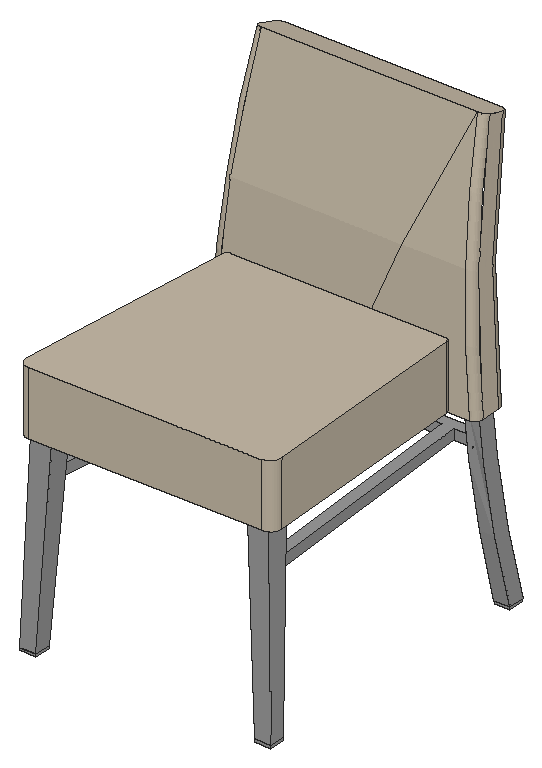
Revit family "FU_Chair_Sandler_Woodlook 1-9", category Furniture, Revit 2020
Family settings
  OmniClass Number = 23.40.20.00
  OmniClass Title = General Furniture and Specialties
  Work Plane-Based = No
  Always vertical = Yes
  Cut with Voids When Loaded = No
  Shared = No
  Room Calculation Point = No
Parameters (values of type "Woodlook 1.9")
  Woodlook = Woodlook - 24A Walnut
  Width = 510 mm
  Upholstery = Fabric - Mainline Flax - Upminster MLF20
  URL = "https://www.sandlerseating.com/product/woodlook-1-9/"
  Stretchers = yes
  Model = "Woodlook 1.9"
  Manufacturer = "Sandler"
  Height = 833 mm
  Grab Handle = no
  Description = "Woodlook side chair with frame manufactured entirely from aluminum but with realistic appearance of wood. With stretchers. Highly durable and scratch resistant. Stacks 5"
  Depth = 585 mm
  Default Elevation = 0 mm
Types (5, lengths in mm): name | Woodlook | Upholstery | URL | Stretchers | Model | Grab Handle | Description
  (no name) | Woodlook - 24A Walnut | Fabric - Mainline Flax - Upminster MLF20 | "https://www.sandlerseating.com/product/woodlook-1-9/" | yes | "Woodlook 1.9" | no | "Woodlook side chair with frame manufactured entirely from aluminum but with realistic appearance of wood. With stretchers. Highly durable and scratch resistant. Stacks 5"
  Woodlook 1.9 | Woodlook - 24A Walnut | Fabric - Mainline Flax - Upminster MLF20 | "https://www.sandlerseating.com/product/woodlook-1-9/" | yes | "Woodlook 1.9" | no | "Woodlook side chair with frame manufactured entirely from aluminum but with realistic appearance of wood. With stretchers. Highly durable and scratch resistant. Stacks 5"
  Woodlook 1.9GH | Woodlook - 21A Teak | Fabric - Gravity - Frozen CPC27 | "https://www.sandlerseating.com/product/w1-9gh/" | yes | "Woodlook 1.9GH" | yes | "Woodlook side chair with frame manufactured entirely from aluminum but with realistic appearance of wood. With stretchers and back grip handle. Highly durable and scratch resistant. Stacks 5."
  Woodlook 1.9GHWOS | Woodlook - 20A Natural Beech | Fabric - Gravity - Frost CPC32 | "https://www.sandlerseating.com/product/w1-9ghwos/" | no | "WOODLOOK 1.9GHWOS" | yes | "Woodlook side chair with grip handle on back. Frame manufactured entirely from aluminum but with realistic appearance of wood. Highly durable and scratch resistant. Stacks 5. Without stretchers."
  Woodlook 1.9WOS | Woodlook - 23 Light Walnut | Fabric - X2 - Percentage AK016 | "https://www.sandlerseating.com/product/woodlook-1-9wos/" | no | "Woodlook 1.9WOS" | no | "Woodlook side chair with frame manufactured entirely from aluminum but with realistic appearance of wood. Highly durable and scratch resistant. Stacks 6. Without stretchers."
Reference planes
  plane 1 "Center (Front/Back)": y = 0
  plane 2: z = 0
  plane 3 "Center (Left/Right)": x = 0
  plane 4 "Right": x = -255
  plane 5 "Left": x = 255
  plane 6 "Back": y = 292.5
  plane 7 "Front": y = -292.5
  plane 8 "Height": z = 833
  plane 9 "Seat Height": z = 485.542
  plane 10 "Back Front": y = 174.856
  plane 11 "Seat Base": z = 365.542
  plane 12 "Glide Height": z = 5
  plane 13 "BLL angle": through (237.528, -1524, 0) normal (-0.9993, 0, -0.0369)
  plane 14 "Stretcher base": z = 283.234
  plane 15 "back Stretch CT": y = 221.131
  plane 16 "stretcher front": y = -259.229
  plane 17 "handle top front": z = 731.393
  plane 18 "handle Base Front": z = 694.445
  plane 19 "handle top right front": x = -61.65
  plane 20 "handle top left front": x = 61.65
  plane 21 "HB Right Front": x = -47.688
  plane 22 "HB Left Front": x = 47.688
  plane 23 "handle base vert": y = 266.017
Forms (mm)
  Extrusion 1, solid, material "Fabric - Mainline Flax - Upminster MLF20" <- "Upholstery"
    sketch origin (0, 0, 365.542) x (1, 0, 0) y (0, 1, 0)
      loop
        arc (-203.687, 165.042) -> (-209.699, 162.233) -> (-212.629, 156.278) r 10
        arc (-212.629, 156.278) -> (-232.781, -57.035) -> (-242.333, -271.084) r 4320.96
        arc (-242.333, -271.084) -> (-236.332, -286.202) -> (-221.337, -292.5) r 21
        line (-221.337, -292.5) -> (221.337, -292.5)
        arc (221.337, -292.5) -> (236.332, -286.202) -> (242.333, -271.084) r 21
        arc (242.333, -271.084) -> (232.783, -57.072) -> (212.638, 156.205) r 4320.96
        arc (212.638, 156.205) -> (209.71, 162.158) -> (203.699, 164.969) r 10
        arc (203.699, 164.969) -> (0.008, 175.1) -> (-203.687, 165.042) r 2060.229
    from 0 to 120
  SweptBlend 2, solid, material "Fabric - Mainline Flax - Upminster MLF20" <- "Upholstery"
    path origin (0, 0, 0) x (0, 1, 0) y (0, 0, 1)
      loop
        arc (208.166, 354.92) -> (219.049, 594.41) -> (267.298, 829.242) r 1526.319
    profile "Pro_WL1-9_Back_bottom : Pro_WL1-9_Back_bottom" origin (0, 208.166, 354.92) x (0, -0.999449, -0.033199) y (1, 0, 0)
      loop
        line (32.633, 0) -> (32.633, 241.976)
        arc (32.633, 241.976) -> (28.825, 251.168) -> (19.633, 254.976) r 13
        line (19.633, 254.976) -> (-19.646, 254.976)
        arc (-19.646, 254.976) -> (-28.838, 251.168) -> (-32.646, 241.976) r 13
        line (-32.646, 241.976) -> (-32.646, 0) -> (-32.646, -241.976)
        arc (-32.646, -241.976) -> (-28.838, -251.168) -> (-19.646, -254.976) r 13
        line (-19.646, -254.976) -> (19.633, -254.976)
        arc (19.633, -254.976) -> (28.825, -251.168) -> (32.633, -241.976) r 13
        line (32.633, -241.976) -> (32.633, 0)
    end profile "Pro_WL1-9_Back_top : Pro_WL1-9_Back_top" origin (0, 267.298, 829.242) x (0, -0.960707, 0.277563) y (1, 0, 0)
      loop
        line (29, -206) -> (29, 206)
        arc (29, 206) -> (25.192, 215.192) -> (16, 219) r 13
        line (16, 219) -> (-16, 219)
        arc (-16, 219) -> (-25.192, 215.192) -> (-29, 206) r 13
        line (-29, 206) -> (-29, -206)
        arc (-29, -206) -> (-25.192, -215.192) -> (-16, -219) r 13
        line (-16, -219) -> (16, -219)
        arc (16, -219) -> (25.192, -215.192) -> (29, -206) r 13
  Blend 3, solid, material "Woodlook - 24A Walnut" <- "Woodlook"
    base sketch origin (0, 0, 5) x (0, -1, 0) y (1, 0, 0)
      loop
        line (292.5, 237.367) -> (262.5, 237.367) -> (262.5, 207.367) -> (292.5, 207.367) -> (292.5, 237.367)
    top sketch origin (0, 0, 365.542) x (1, 0, 0) y (0, 1, 0)
      loop
        line (226.376, -282.027) -> (226.376, -242.027) -> (186.376, -242.027) -> (186.376, -282.027) -> (226.376, -282.027)
    from 0 to 0
  Sweep 4, solid, material "Woodlook - 24A Walnut" <- "Woodlook"
    path origin (237.204, 0, 8.768) x (0.036938, 0, -0.999318) y (0, -1, 0)
      loop
        arc (19.035, -276.121) -> (-182.758, -233.487) -> (-387.964, -212.787) r 1916.333
    profile origin (230.453, 233.487, 191.401) x (-0.00568, 0.988108, 0.153658) y (-0.999318, 0, -0.036938)
      loop
        line (-14.582, -14.417) -> (14.417, -14.582) -> (14.582, 14.417) -> (-14.417, 14.582) -> (-14.582, -14.417)
  Extrusion 5, void
    sketch origin (0, 0, 0) x (1, 0, 0) y (0, 1, 0)
      loop
        line (209.509, 307.245) -> (209.509, 247.245) -> (269.509, 247.245) -> (269.509, 307.245) -> (209.509, 307.245)
    from -29.51 to 5
  Blend 6, solid, material "Woodlook - 24A Walnut" <- "Woodlook"
    base sketch origin (0, 0, 5) x (0, -1, 0) y (1, 0, 0)
      loop
        line (292.5, -237.367) -> (292.5, -207.367) -> (262.5, -207.367) -> (262.5, -237.367) -> (292.5, -237.367)
    top sketch origin (0, 0, 365.542) x (-1, 0, 0) y (0, -1, 0)
      loop
        line (226.376, 282.027) -> (186.376, 282.027) -> (186.376, 242.027) -> (226.376, 242.027) -> (226.376, 282.027)
    from 0 to 0
  Sweep 7, solid, material "Woodlook - 24A Walnut" <- "Woodlook"
    path origin (-237.204, 0, 8.768) x (-0.036938, 0, -0.999318) y (0, 1, 0)
      loop
        arc (19.035, 276.121) -> (-182.758, 233.487) -> (-387.964, 212.787) r 1916.333
    profile origin (-230.453, 233.487, 191.401) x (-0.00568, -0.988108, -0.153658) y (0.999318, 0, -0.036938)
      loop
        line (14.582, -14.417) -> (14.417, 14.582) -> (-14.582, 14.417) -> (-14.417, -14.582) -> (14.582, -14.417)
  Extrusion 8, void
    sketch origin (0, 0, 0) x (-1, 0, 0) y (0, -1, 0)
      loop
        line (209.509, -307.245) -> (269.509, -307.245) -> (269.509, -247.245) -> (209.509, -247.245) -> (209.509, -307.245)
    from -29.51 to 5
  Extrusion 9, solid, material "Rubber, Black"
    sketch origin (0, 0, 0) x (1, 0, 0) y (0, 1, 0)
      loop
        line (237.367, -292.5) -> (237.367, -262.5) -> (207.367, -262.5) -> (207.367, -292.5) -> (237.367, -292.5)
    from 0 to 5
  Extrusion 10, solid, material "Rubber, Black"
    sketch origin (0, 0, 0) x (-1, 0, 0) y (0, -1, 0)
      loop
        line (237.367, 292.5) -> (207.367, 292.5) -> (207.367, 262.5) -> (237.367, 262.5) -> (237.367, 292.5)
    from 0 to 5
  Extrusion 11, solid, material "Rubber, Black"
    sketch origin (0, 0, 0) x (1, 0, 0) y (0, 1, 0)
      loop
        line (222.916, 287.024) -> (222.916, 257.171) -> (251.77, 257.171) -> (251.77, 287.024) -> (222.916, 287.024)
    from 0 to 5
  Extrusion 12, solid, material "Rubber, Black"
    sketch origin (0, 0, 0) x (-1, 0, 0) y (0, -1, 0)
      loop
        line (222.916, -287.024) -> (251.77, -287.024) -> (251.77, -257.171) -> (222.916, -257.171) -> (222.916, -287.024)
    from 0 to 5
  Blend 13, solid, material "Woodlook - 24A Walnut" <- "Woodlook", visible <- "Stretchers"
    base sketch origin (0, 0, 0) x (1, 0, 0) y (0, 0, 1)
      loop
        line (226.381, 283.234) -> (226.381, 303.234) -> (204.381, 303.234) -> (204.381, 283.234) -> (226.381, 283.234)
    top sketch origin (0, 0, 0) x (1, 0, 0) y (0, 0, 1)
      loop
        line (180.953, 283.234) -> (180.953, 303.234) -> (158.953, 303.234) -> (158.953, 283.234) -> (180.953, 283.234)
    from 259.229 to -221.131
  Blend 14, solid, material "Woodlook - 24A Walnut" <- "Woodlook", visible <- "Stretchers"
    base sketch origin (0, 0, 0) x (-1, 0, 0) y (0, 0, -1)
      loop
        line (226.381, -283.234) -> (204.381, -283.234) -> (204.381, -303.234) -> (226.381, -303.234) -> (226.381, -283.234)
    top sketch origin (0, 0, 0) x (-1, 0, 0) y (0, 0, -1)
      loop
        line (180.953, -283.234) -> (158.953, -283.234) -> (158.953, -303.234) -> (180.953, -303.234) -> (180.953, -283.234)
    from 259.229 to -221.131
  Extrusion 15, solid, material "Woodlook - 24A Walnut" <- "Woodlook", visible <- "Stretchers"
    sketch origin (0, 0, 283.234) x (0, -1, 0) y (1, 0, 0)
      loop
        line (-233.013, -222.356) -> (-211.013, -222.356) -> (-211.013, 219.302) -> (-233.013, 219.302) -> (-233.013, -222.356)
    from 0 to 20
  Blend 16, solid, material "Metal - Chrome - Polished", visible <- "Grab Handle"
    base sketch origin (0, 0, 283.234) x (0, -1, 0) y (1, 0, 0)
      loop
        line (-273.078, 0) -> (-273.078, -28.903)
        arc (-273.078, -28.903) -> (-271.259, -35.487) -> (-267.583, -41.245) r 22.958
        line (-267.583, -41.245) -> (-267.583, -47.688) -> (-264.767, -47.688) -> (-264.767, -41.245)
        arc (-264.767, -41.245) -> (-268.443, -35.487) -> (-270.262, -28.903) r 22.958
        line (-270.262, -28.903) -> (-270.262, 0) -> (-270.262, 28.903)
        arc (-270.262, 28.903) -> (-268.443, 35.487) -> (-264.767, 41.245) r 22.958
        line (-264.767, 41.245) -> (-264.767, 47.688) -> (-267.583, 47.688) -> (-267.583, 41.245)
        arc (-267.583, 41.245) -> (-271.259, 35.487) -> (-273.078, 28.903) r 22.958
        line (-273.078, 28.903) -> (-273.078, 0)
    top sketch origin (0, 0, 283.234) x (0, -1, 0) y (1, 0, 0)
      loop
        line (-281.109, 0) -> (-281.109, -42.864)
        arc (-281.109, -42.864) -> (-279.289, -49.449) -> (-275.614, -55.206) r 22.958
        arc (-275.614, -55.206) -> (-275.198, -58.426) -> (-274.823, -61.65) r 264.094
        line (-274.823, -61.65) -> (-272.006, -61.65)
        arc (-272.006, -61.65) -> (-272.382, -58.426) -> (-272.797, -55.206) r 264.094
        arc (-272.797, -55.206) -> (-276.473, -49.449) -> (-278.292, -42.864) r 22.958
        line (-278.292, -42.864) -> (-278.292, 0) -> (-278.292, 42.864)
        arc (-278.292, 42.864) -> (-276.473, 49.449) -> (-272.797, 55.206) r 22.958
        arc (-272.797, 55.206) -> (-272.382, 58.426) -> (-272.006, 61.65) r 264.094
        line (-272.006, 61.65) -> (-274.823, 61.65)
        arc (-274.823, 61.65) -> (-275.198, 58.426) -> (-275.614, 55.206) r 264.094
        arc (-275.614, 55.206) -> (-279.289, 49.449) -> (-281.109, 42.864) r 22.958
        line (-281.109, 42.864) -> (-281.109, 0)
    from 411.211 to 448.159
Cuts and joins
  joined: Extrusion 1, SweptBlend 2
  Extrusion 5, Extrusion 8 cuts Sweep 4
  Extrusion 8 cuts Sweep 7
  joined: Blend 13, Blend 14, Extrusion 15
Dimensions and locks
  equal spacing: plane 6 "Back", plane 1 "Center (Front/Back)", plane 7 "Front"
  "Depth": plane 6 "Back" to plane 7 "Front"
  equal spacing: plane 4 "Right", plane 3 "Center (Left/Right)", plane 5 "Left"
  "Width": plane 4 "Right" to plane 5 "Left"
  "Height": plane 8 "Height" to level
  plane 12 "Glide Height" to plane 2 = 5 mm
  equal spacing: plane 19 "handle top right front", plane 3 "Center (Left/Right)", plane 20 "handle top left front"
  equal spacing: plane 22 "HB Left Front", plane 3 "Center (Left/Right)", plane 21 "HB Right Front"
  aligned and locked: level to plane 2
  aligned and locked: plane 9 "Seat Height" to Extrusion 1
  aligned and locked: plane 11 "Seat Base" to Extrusion 1
  aligned and locked: Extrusion 5 to plane 12 "Glide Height"
  aligned and locked: Extrusion 9 to level
  aligned and locked: plane 12 "Glide Height" to Extrusion 9
  aligned and locked: Extrusion 11 to level
Automatic sketch dimensions
  Extrusion 1 sketch curve to plane 7 "Front" = 0 mm
  Extrusion 1 sketch curve to plane 7 "Front" = 64.137 mm  (x2)
  plane 4 "Right" to Extrusion 1 sketch curve = 3822.78 mm
  Extrusion 1 sketch curve to plane 4 "Right" = 33.663 mm
  Extrusion 1 sketch curve to plane 10 "Back Front" = 19.766 mm
  Extrusion 1 sketch curve to plane 4 "Right" = 52.3 mm
  Extrusion 1 sketch curve to plane 3 "Center (Left/Right)" = 0.362 mm
  Extrusion 1 sketch curve to plane 10 "Back Front" = 19.838 mm
  plane 5 "Left" to Extrusion 1 sketch curve = 52.291 mm
  plane 5 "Left" to Extrusion 1 sketch curve = 33.663 mm
  Extrusion 1 sketch curve to plane 5 "Left" = 3822.78 mm
  Extrusion 1 sketch curve to plane 7 "Front" = 1592.63 mm
  Extrusion 1 sketch curve to plane 16 "stretcher front" = 12.271 mm  (x2)
  Extrusion 1 sketch curve to Extrusion 1 sketch curve = 0 mm  (x5)
  SweptBlend 2 sketch curve to plane 11 "Seat Base" = 40.05 mm
  plane 6 "Back" to SweptBlend 2 sketch curve = 1441.144 mm
  SweptBlend 2 sketch curve to plane 8 "Height" = 3.758 mm
  SweptBlend 2 sketch curve to plane 6 "Back" = 25.202 mm
  plane 11 "Seat Base" to SweptBlend 2 sketch curve = 10.622 mm
  Blend 3 sketch curve to plane 7 "Front" = 0 mm
  Blend 3 sketch curve to plane 16 "stretcher front" = 3.271 mm
  plane 5 "Left" to Blend 3 sketch curve = 47.633 mm
  plane 5 "Left" to Blend 3 sketch curve = 17.633 mm
  plane 7 "Front" to Blend 3 sketch curve = 10.473 mm
  plane 5 "Left" to Blend 3 sketch curve = 68.624 mm
  plane 5 "Left" to Blend 3 sketch curve = 28.624 mm
  plane 16 "stretcher front" to Blend 3 sketch curve = 17.202 mm
  plane 6 "Back" to Sweep 4 sketch curve = 1834.531 mm
  Sweep 4 sketch curve to plane 15 "back Stretch CT" = 8.344 mm
  Sweep 4 sketch curve to Sweep 4 sketch curve = 89.455 mm
  Sweep 4 sketch curve to plane 6 "Back" = 16.379 mm
  profile plane to Sweep 4 sketch curve = 14.582 mm
  profile plane to Sweep 4 sketch curve = 14.417 mm
  Sweep 4 sketch curve to profile plane = 14.417 mm
  Sweep 4 sketch curve to plane 13 "BLL angle" = 14.582 mm
  Sweep 4 sketch curve to plane 13 "BLL angle" = 14.417 mm
  plane 5 "Left" to Extrusion 5 sketch curve = 45.491 mm
  Extrusion 5 sketch curve to plane 5 "Left" = 14.509 mm
  plane 15 "back Stretch CT" to Extrusion 5 sketch curve = 26.114 mm
  plane 6 "Back" to Extrusion 5 sketch curve = 14.745 mm
  Blend 6 sketch curve to plane 7 "Front" = 0 mm
  plane 16 "stretcher front" to Blend 6 sketch curve = 3.271 mm
  plane 4 "Right" to Blend 6 sketch curve = 47.633 mm
  plane 4 "Right" to Blend 6 sketch curve = 17.633 mm
  Blend 6 sketch curve to plane 7 "Front" = 10.473 mm
  plane 4 "Right" to Blend 6 sketch curve = 68.624 mm
  plane 4 "Right" to Blend 6 sketch curve = 28.624 mm
  Blend 6 sketch curve to plane 16 "stretcher front" = 17.202 mm
  plane 6 "Back" to Sweep 7 sketch curve = 1834.531 mm
  Sweep 7 sketch curve to plane 15 "back Stretch CT" = 8.344 mm
  Sweep 7 sketch curve to Sweep 7 sketch curve = 89.455 mm
  Sweep 7 sketch curve to plane 6 "Back" = 16.379 mm
  profile plane to Sweep 7 sketch curve = 14.582 mm
  profile plane to Sweep 7 sketch curve = 14.417 mm
  Sweep 7 sketch curve to profile plane = 14.417 mm  (x2)
  Sweep 7 sketch curve to profile plane = 14.582 mm
  plane 4 "Right" to Extrusion 8 sketch curve = 45.491 mm
  Extrusion 8 sketch curve to plane 4 "Right" = 14.509 mm
  Extrusion 8 sketch curve to plane 15 "back Stretch CT" = 26.114 mm
  Extrusion 8 sketch curve to plane 6 "Back" = 14.745 mm
  Extrusion 9 sketch curve to plane 7 "Front" = 0 mm
  plane 5 "Left" to Extrusion 9 sketch curve = 47.633 mm
  Extrusion 9 sketch curve to plane 16 "stretcher front" = 3.271 mm
  plane 5 "Left" to Extrusion 9 sketch curve = 17.633 mm
  Extrusion 10 sketch curve to plane 7 "Front" = 0 mm
  plane 4 "Right" to Extrusion 10 sketch curve = 47.633 mm
  plane 16 "stretcher front" to Extrusion 10 sketch curve = 3.271 mm
  plane 4 "Right" to Extrusion 10 sketch curve = 17.633 mm
  plane 5 "Left" to Extrusion 11 sketch curve = 32.084 mm
  plane 5 "Left" to Extrusion 11 sketch curve = 3.23 mm
  Extrusion 11 sketch curve to plane 6 "Back" = 35.329 mm
  Extrusion 11 sketch curve to plane 6 "Back" = 5.476 mm
  plane 4 "Right" to Extrusion 12 sketch curve = 32.084 mm
  plane 4 "Right" to Extrusion 12 sketch curve = 3.23 mm
  plane 6 "Back" to Extrusion 12 sketch curve = 35.329 mm
  plane 6 "Back" to Extrusion 12 sketch curve = 5.476 mm
  Blend 13 sketch curve to plane 14 "Stretcher base" = 0 mm  (x2)
  plane 5 "Left" to Blend 13 sketch curve = 50.619 mm
  Blend 13 sketch curve to Blend 13 sketch curve = 22 mm  (x2)
  Blend 13 sketch curve to Blend 13 sketch curve = 20 mm  (x2)
  plane 5 "Left" to Blend 13 sketch curve = 96.047 mm
  Blend 14 sketch curve to plane 14 "Stretcher base" = 0 mm  (x2)
  plane 4 "Right" to Blend 14 sketch curve = 50.619 mm
  Blend 14 sketch curve to Blend 14 sketch curve = 22 mm  (x2)
  Blend 14 sketch curve to Blend 14 sketch curve = 20 mm  (x2)
  plane 4 "Right" to Blend 14 sketch curve = 96.047 mm
  plane 15 "back Stretch CT" to Extrusion 15 sketch curve = 11.882 mm
  Extrusion 15 sketch curve to plane 15 "back Stretch CT" = 10.118 mm
  Extrusion 15 sketch curve to plane 4 "Right" = 32.644 mm
  plane 5 "Left" to Extrusion 15 sketch curve = 35.698 mm
  Blend 16 sketch curve to plane 3 "Center (Left/Right)" = 0 mm  (x4)
  Blend 16 sketch curve to plane 20 "handle top left front" = 0 mm
  Blend 16 sketch curve to plane 19 "handle top right front" = 0 mm
  plane 19 "handle top right front" to Blend 16 sketch curve = 28.954 mm
  plane 6 "Back" to Blend 16 sketch curve = 244.825 mm
  Blend 16 sketch curve to plane 20 "handle top left front" = 28.954 mm
  Blend 16 sketch curve to Blend 16 sketch curve = 0 mm  (x11)
  Blend 16 sketch curve to Blend 16 sketch curve = 2.816 mm  (x12)
  Blend 16 sketch curve to plane 22 "HB Left Front" = 4.824 mm
  Blend 16 sketch curve to plane 6 "Back" = 11.391 mm
  Blend 16 sketch curve to plane 6 "Back" = 17.677 mm  (x2)
  plane 21 "HB Right Front" to Blend 16 sketch curve = 7.578 mm
  Blend 16 sketch curve to Blend 16 sketch curve = 19.976 mm  (x4)
  Blend 16 sketch curve to plane 22 "HB Left Front" = 7.578 mm
  plane 21 "HB Right Front" to Blend 16 sketch curve = 4.824 mm
  Blend 16 sketch curve to plane 22 "HB Left Front" = 0 mm
  Blend 16 sketch curve to plane 21 "HB Right Front" = 0 mm
  Blend 16 sketch curve to plane 6 "Back" = 19.422 mm
  Blend 16 sketch curve to Blend 16 sketch curve = 2.679 mm  (x2)
  plane 21 "HB Right Front" to Blend 16 sketch curve = 6.444 mm
  Blend 16 sketch curve to Blend 16 sketch curve = 12.342 mm
  Blend 16 sketch curve to plane 22 "HB Left Front" = 21.539 mm
  Blend 16 sketch curve to plane 22 "HB Left Front" = 18.785 mm
